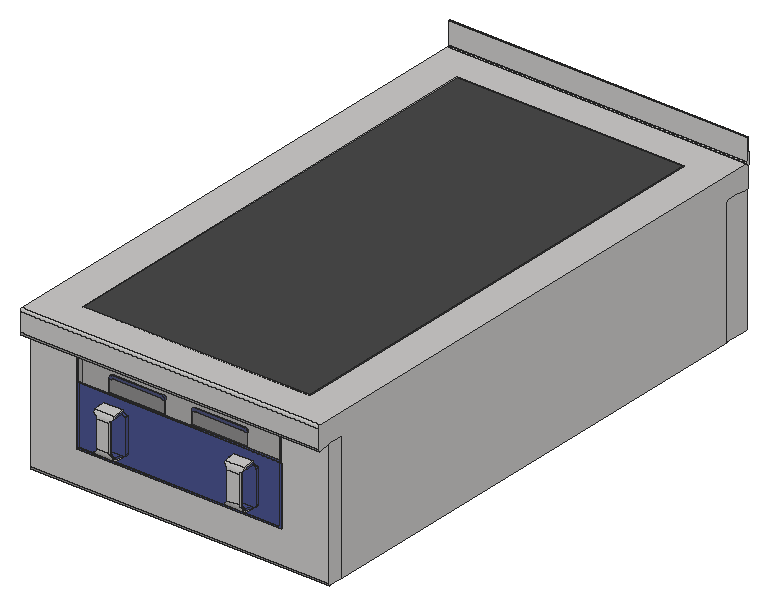
Revit family "QF_ELECTROLUXPROFESSIONAL_589026_MCIBABEOAO", category Specialty Equipment, Revit 2018
Family settings
  Round Connector Dimension = Use Diameter
  Part Type = Normal
  Work Plane-Based = No
  Always vertical = Yes
  Cut with Voids When Loaded = No
  Shared = No
  Room Calculation Point = No
Parameters
  Weight in Pounds = 55.1
  Watts = 10000 VA  # 10000 W
  Volts = 400 V  # constant formula
  URL Cutsheet = ""
  Type Mark [instance] = ""
  Status [instance] = ""
  Specification by User [instance] = ""
  Specification by Manufacturer = ""
  Serial Number = ""
  Seismic Rating = ""
  SMACNA No = ""
  Revision Code [instance] = ""
  Phase = 3  # constant formula
  Omniclass Number and Title = ""
  Number of Poles [instance] = 1
  NAFEM Spec ID Number = ""
  Model = "589026"
  Min Ckt Ampacity = 0 A
  Max Overcurrent Protection = 0 A
  Masterspec = ""
  Manufacturer = "ELECTROLUX"
  Item Number [instance] = ""
  Installed By [instance] = ""
  Identify Quantity as Lot [instance] = yes
  HP = "13.4 HP"
  Furnished By [instance] = ""
  Foodservice Equipment Identifier [instance] = yes
  FL Amps [instance] = if(Phase = 3, Watts / (Volts * 1.73), Watts / Volts)  # 14.4509 A
  Electrical Remarks = "400 V/3N ph/50/60 Hz"  # constant formula
  Electric Connection Type [instance] = ""
  Elec Conn RI Height [instance] = 0 mm
  Elec Conn Connection Height [instance] = 0 mm
  Direct Waste Size = 0"
  Description = "INDUCTION TOP,2 ZONES,1S,BS,500X900X250H"
  Cycle [instance] = if([60 Hertz Option], 60 Hz, 50 Hz)  # 60 Hz
  Conn Plug = ""
  Conn Conduit = yes
  CSI MasterFormat = ""
  CSI Master Format = ""
  Apparent Power [instance] = if(Phase = 3, Volts * FL Amps * 1.73, Volts * FL Amps)  # 10000 VA
  60 Hertz Option [instance] = not([50 Hertz Option])  # yes
  50 Hertz Option [instance] = no
Reference planes
  plane 1 "BACK": y = 0
  plane 2: z = 0
  plane 3 "LEFT": x = 0
  plane 4 "RIGHT": x = 500
  plane 5 "FRONT": y = -900
  plane 6 "TOP": z = 250
  plane 7: x = 250
  plane 8: y = -450
  plane 9: z = 582.185
Forms (mm)
  Extrusion 1, solid, material "QF_Finishes_Stainless Steel"
    sketch origin (0, -487.128, 0) x (0, 1, 0) y (0, 0, 1)
      loop
        line (483.128, 250) -> (-408.872, 250)
        arc (-408.872, 250) -> (-411.7, 248.828) -> (-412.872, 246) r 4
        line (-412.872, 246) -> (-412.872, 214)
        arc (-412.872, 214) -> (-411.443, 210.936) -> (-408.177, 210.061) r 4
        line (-408.177, 210.061) -> (-391.509, 213) -> (-366.872, 213) -> (-366.872, 0) -> (441.128, 0) -> (441.128, 213) -> (465.765, 213) -> (482.433, 210.061)
        arc (482.433, 210.061) -> (485.699, 210.936) -> (487.128, 214) r 4
        line (487.128, 214) -> (487.128, 246)
        arc (487.128, 246) -> (485.956, 248.828) -> (483.128, 250) r 4
    from 0 to 500
  Extrusion 2, void
    sketch origin (653.786, 44.048, 250) x (1, 0, 0) y (0, -1, 0)
      loop
        line (-593.786, 104.048) -> (-213.786, 104.048) -> (-213.786, 887.779) -> (-593.786, 887.779) -> (-593.786, 104.048)
    from 0 to 37
  Extrusion 3, solid, material "QF_Finishes_Stainless Steel"
    sketch origin (0, -854, 0) x (1, 0, 0) y (0, -1, 0)
      loop
        circle (455, -169) r 6.35
    from 0 to 3.2
  Extrusion 4, solid, material "QF_Finishes_Black"
    sketch origin (653.786, 44.048, 213) x (1, 0, 0) y (0, 1, 0)
      loop
        line (-593.786, -887.779) -> (-213.786, -887.779) -> (-213.786, -104.048) -> (-593.786, -104.048) -> (-593.786, -887.779)
    from 0 to 37
  Extrusion 5, solid, material "QF_Finishes_Stainless Steel"
    sketch origin (0, 0, 0) x (0, 1, 0) y (0, 0, 1)
      loop
        line (-2.951, 2) -> (-2.951, 210.133)
        arc (-2.951, 210.133) -> (-3.795, 210.009) -> (-4.646, 210.066) r 4
        line (-4.646, 210.066) -> (-21.287, 213) -> (-45, 213) -> (-45, 0) -> (-4.951, 0)
        arc (-4.951, 0) -> (-3.537, 0.586) -> (-2.951, 2) r 2
      loop
        arc (-1.951, 252.006) -> (-2.537, 250.592) -> (-3.951, 250.006) r 2
        arc (-3.951, 250.006) -> (-1.172, 248.828) -> (0, 246) r 4
        line (0, 246) -> (0, 288.006) -> (-1.951, 288.006) -> (-1.951, 252.006)
    from 500 to 0
Cuts and joins
  Extrusion 2 cuts Extrusion 1
Lines and regions (mm)
  symbolic lines
    curve 1: line (0, 0, 0) -> (500, 0, 0)
    curve 2: line (0, -900, 0) -> (0, 0, 0)
    curve 3: line (500, -900, 0) -> (0, -900, 0)
    curve 4: line (500, 0, 0) -> (500, -900, 0)
    curve 5: line (440, -843.73, 0) -> (440, -60, 0)
    curve 6: line (440, -60, 0) -> (60, -60, 0)
    curve 7: line (60, -60, 0) -> (60, -843.73, 0)
    curve 8: line (60, -843.73, 0) -> (440, -843.73, 0)
    curve 9: line (124.883, -902.326, 0) -> (124.883, -900, 0)
    curve 10: spline (130.551, -903.73, 0) -> (130.073, -903.657, 0) -> (129.595, -903.575, 0) -> (129.118, -903.486, 0) -> (128.642, -903.389, 0) -> (128.167, -903.283, 0) -> (127.693, -903.17, 0) -> (127.221, -903.049, 0) -> (126.75, -902.92, 0) -> (126.281, -902.783, 0) -> (125.813, -902.638, 0) -> (125.347, -902.486, 0) -> (124.883, -902.326, 0)
    curve 11: line (157.098, -902.326, 0) -> (157.098, -900, 0)
    curve 12: spline (157.098, -902.326, 0) -> (156.634, -902.486, 0) -> (156.168, -902.638, 0) -> (155.7, -902.783, 0) -> (155.231, -902.92, 0) -> (154.76, -903.049, 0) -> (154.287, -903.17, 0) -> (153.814, -903.283, 0) -> (153.339, -903.389, 0) -> (152.863, -903.486, 0) -> (152.386, -903.575, 0) -> (151.908, -903.657, 0) -> (151.429, -903.73, 0)
    curve 13: line (130.551, -903.73, 0) -> (151.429, -903.73, 0)
    curve 14: line (375.117, -902.326, 0) -> (375.117, -900, 0)
    curve 15: spline (369.449, -903.73, 0) -> (369.927, -903.657, 0) -> (370.405, -903.575, 0) -> (370.882, -903.486, 0) -> (371.358, -903.389, 0) -> (371.833, -903.283, 0) -> (372.307, -903.17, 0) -> (372.779, -903.049, 0) -> (373.25, -902.92, 0) -> (373.719, -902.783, 0) -> (374.187, -902.638, 0) -> (374.653, -902.486, 0) -> (375.117, -902.326, 0)
    curve 16: line (342.902, -902.326, 0) -> (342.902, -900, 0)
    curve 17: spline (342.902, -902.326, 0) -> (343.366, -902.486, 0) -> (343.832, -902.638, 0) -> (344.3, -902.783, 0) -> (344.769, -902.92, 0) -> (345.24, -903.049, 0) -> (345.713, -903.17, 0) -> (346.186, -903.283, 0) -> (346.661, -903.389, 0) -> (347.137, -903.486, 0) -> (347.614, -903.575, 0) -> (348.092, -903.657, 0) -> (348.571, -903.73, 0)
    curve 18: line (369.449, -903.73, 0) -> (348.571, -903.73, 0)
    curve 19: line (0, -1.951, 0) -> (500, -1.951, 0)
Dimensions and locks
  plane 3 "LEFT" to plane 4 "RIGHT" = 500 mm
  plane 5 "FRONT" to plane 1 "BACK" = 900 mm
  equal spacing: plane 3 "LEFT", plane 7, plane 4 "RIGHT"
  equal spacing: plane 5 "FRONT", plane 8, plane 1 "BACK"
  plane 6 "TOP" to level = 250 mm  (x2)
  plane 1 "BACK" to plane 5 "FRONT" = 900 mm
  Extrusion 3 sketch curve to plane 1 "BACK" = 685 mm
  Extrusion 3 sketch curve to plane 4 "RIGHT" = 45 mm
  aligned and locked: level to plane 2
  aligned and locked: cut or joined group of Extrusion 1, Extrusion 2 to plane 4 "RIGHT"
  aligned and locked: plane 7 to nested 1
  aligned and locked: Extrusion 5 to plane 4 "RIGHT"
Automatic sketch dimensions
  Extrusion 1 sketch curve to plane 5 "FRONT" = 0 mm
  Extrusion 1 sketch curve to plane 6 "TOP" = 0 mm
  Extrusion 1 sketch curve to level = 0 mm
  Extrusion 1 sketch curve to plane 1 "BACK" = 0 mm
  Extrusion 1 sketch curve to plane 6 "TOP" = 37 mm  (x2)
  Extrusion 1 sketch curve to plane 5 "FRONT" = 4 mm
  Extrusion 1 sketch curve to plane 5 "FRONT" = 21.363 mm
  Extrusion 1 sketch curve to plane 5 "FRONT" = 46 mm
  plane 1 "BACK" to Extrusion 1 sketch curve = 21.363 mm
  plane 1 "BACK" to Extrusion 1 sketch curve = 4 mm  (x2)
  Extrusion 1 sketch curve to Extrusion 1 sketch curve = 4 mm
  Extrusion 1 sketch curve to Extrusion 1 sketch curve = 0.695 mm
  Extrusion 1 sketch curve to Extrusion 1 sketch curve = 0 mm  (x4)
  plane 1 "BACK" to Extrusion 1 sketch curve = 4.695 mm
  Extrusion 1 sketch curve to Extrusion 1 sketch curve = 1 mm  (x2)
  plane 1 "BACK" to Extrusion 1 sketch curve = 46 mm
  Extrusion 1 to Extrusion 2 sketch curve = 60 mm  (x2)
  Extrusion 1 to Extrusion 2 sketch curve = 52.27 mm
  Extrusion 1 to Extrusion 2 sketch curve = 56 mm
  Extrusion 4 sketch curve to Extrusion 2 = 0 mm  (x3)
  Extrusion 2 to Extrusion 4 sketch curve = 0 mm
  Extrusion 5 sketch curve to level = 0 mm
  Extrusion 5 sketch curve to plane 1 "BACK" = 0 mm  (x2)
  level to Extrusion 5 sketch curve = 2 mm
  Extrusion 5 sketch curve to plane 6 "TOP" = 0 mm
  plane 1 "BACK" to Extrusion 5 sketch curve = 1.951 mm
  plane 1 "BACK" to Extrusion 5 sketch curve = 2.951 mm
  Extrusion 5 sketch curve to Extrusion 5 sketch curve = 18.335 mm
  Extrusion 5 sketch curve to Extrusion 5 sketch curve = 40.049 mm
  Extrusion 5 sketch curve to Extrusion 5 sketch curve = 1.695 mm
  Extrusion 5 sketch curve to Extrusion 5 sketch curve = 0 mm  (x3)
  plane 1 "BACK" to Extrusion 5 sketch curve = 4 mm
  plane 1 "BACK" to Extrusion 5 sketch curve = 3.951 mm
  Extrusion 5 sketch curve to Extrusion 5 sketch curve = 2 mm
  Extrusion 5 sketch curve to Extrusion 5 sketch curve = 35.867 mm
  Extrusion 5 sketch curve to plane 6 "TOP" = 37 mm
  plane 6 "TOP" to Extrusion 5 sketch curve = 2.006 mm
  Extrusion 5 sketch curve to Extrusion 5 sketch curve = 36 mm
  Extrusion 5 sketch curve to Extrusion 5 sketch curve = 0.066 mm
  plane 1 "BACK" to curve 1 = 0 mm
  curve 2 to plane 3 "LEFT" = 0 mm
  plane 5 "FRONT" to curve 3 = 0 mm
  curve 19 to plane 4 "RIGHT" = 0 mm
  plane 4 "RIGHT" to curve 5 = 60 mm
  plane 5 "FRONT" to curve 14 = 2.326 mm
  curve 5 to curve 14 = 64.883 mm
  plane 5 "FRONT" to curve 18 = 3.73 mm
  curve 14 to curve 18 = 5.669 mm
  curve 18 to curve 18 = 20.878 mm
  plane 5 "FRONT" to curve 16 = 2.326 mm
  curve 18 to curve 16 = 5.669 mm
  plane 5 "FRONT" to curve 11 = 2.326 mm
  curve 11 to plane 7 = 92.902 mm
  plane 5 "FRONT" to curve 13 = 3.73 mm
  curve 11 to curve 13 = 5.669 mm
  curve 13 to curve 13 = 20.878 mm
  plane 5 "FRONT" to curve 9 = 2.326 mm
  curve 10 to curve 9 = 5.669 mm
  plane 3 "LEFT" to curve 6 = 60 mm
  plane 5 "FRONT" to curve 15 = 4.032 mm
  curve 18 to curve 15 = 4.17 mm
  curve 15 to curve 17 = 12.538 mm
  plane 5 "FRONT" to curve 12 = 4.032 mm
  curve 13 to curve 12 = 4.17 mm
  curve 12 to curve 10 = 12.538 mm
  plane 1 "BACK" to curve 6 = 60 mm
  curve 5 to plane 5 "FRONT" = 56.27 mm
  plane 1 "BACK" to curve 19 = 1.951 mm
  curve 17 to curve 15 = 0 mm
  curve 10 to curve 12 = 0 mm
  radius of Extrusion 3 sketch curve = 6.35 mm
Nested families
  nested 1: "IDT_900_500 mm Double Control Front Panel" at (252.376, -854, -650), type "IDT_900_500 mm Double Control Front Panel"
Connectors
  electrical at (455, -685, -3.2), driven by "Volts", driven by "Watts"
    settings: on Extrusion 3, index 1, voltage 400 V, apparent load 10000 VA, apparent load phase1 0 VA, apparent load phase2 0 VA, apparent load phase3 0 VA, power factor 1, load classification "Other", number of poles 1, system type 30, power factor state 1, is connector primary yes, connector utility no, sub classification motor no, connector description "ELECTRICAL CONNECTION"
Definition of nested family "IDT_900_500 mm Double Control Front Panel"
  Parameters
    Length = 500 mm
  Reference planes
    plane 1 "Center (Front/Back)": y = 0
    plane 2: z = 0
    plane 3 "Center (Left/Right)": x = -2.376
    plane 4: x = -252.376
    plane 5: x = 247.624
  Forms (mm)
    Extrusion 1, solid
      sketch origin (833.217, 829.203, -1.25) x (0, 1, 0) y (0, 0, 1)
        loop
          arc (-854.203, 654.25) -> (-853.324, 652.129) -> (-851.203, 651.25) r 3
          line (-851.203, 651.25) -> (-829.203, 651.25) -> (-829.203, 864.25) -> (-854.203, 864.25) -> (-854.203, 654.25)
      from -1085.593 to -585.593
    Extrusion 2, void
      sketch origin (33.217, 829.203, -1.25) x (1, 0, 0) y (0, 0, 1)
        loop
          line (-207.593, 852.364) -> (-207.593, 710.364) -> (136.407, 710.364) -> (136.407, 852.364) -> (-207.593, 852.364)
      from 843.409 to 854.203
  Cuts and joins
    Extrusion 2 cuts Extrusion 1
  Dimensions and locks
    equal spacing: plane 5, plane 3 "Center (Left/Right)", plane 4
    "Length": plane 5 to plane 4
    locked: nested 2 to plane 4 at 117.396
    locked: plane 5 to nested 1 at 117
    locked: nested 2 to plane 4 at 141.217
    locked: plane 5 to nested 1 at 140.821
    aligned and locked: cut or joined group of Extrusion 1, Extrusion 2 to plane 4
    aligned and locked: plane 5 to cut or joined group of Extrusion 1, Extrusion 2
    aligned and locked: plane 3 "Center (Left/Right)" to nested 3
  Automatic sketch dimensions
    Extrusion 1 sketch curve to plane 1 "Center (Front/Back)" = 0 mm
    plane 1 "Center (Front/Back)" to Extrusion 1 sketch curve = 22 mm
    Extrusion 1 sketch curve to Extrusion 1 sketch curve = 3 mm
    level to Extrusion 1 sketch curve = 650 mm
    Extrusion 1 sketch curve to Extrusion 1 sketch curve = 210 mm
    plane 4 to Extrusion 2 sketch curve = 78 mm
    Extrusion 2 sketch curve to plane 5 = 78 mm
    level to Extrusion 2 sketch curve = 709.114 mm
    Extrusion 2 sketch curve to Extrusion 2 sketch curve = 142 mm
  Nested families
    nested 1: "Range Control Handle" at (106.804, -28.137, -209.113), type "Range Control Handle"
    nested 2: "Range Control Handle" at (-111.159, -28.137, -209.113) x (-1, 0, 0) z (0, 0, 1), type "Range Control Handle"
    nested 3: "glass conrol panel One Right Side" at (-2.376, 278.697, 0), type "glass conrol panel One Right Side"
  Definition of nested family "Range Control Handle"
    Reference planes
      plane 1 "Center (Front/Back)": y = 0
      plane 2: z = 0
      plane 3 "Center (Left/Right)": x = 0
      plane 4: z = 971.092
    Forms (mm)
      Extrusion 1, solid
        sketch origin (-746.28, 380.497, 208.931) x (-1, 0, 0) y (0, 0, 1)
          loop
            line (-770.101, 786.798) -> (-770.101, 731.649)
            arc (-770.101, 731.649) -> (-769.759, 730.563) -> (-768.855, 729.87) r 1.893
            line (-768.855, 729.87) -> (-763.474, 727.911) -> (-729.81, 727.911) -> (-724.428, 729.87)
            arc (-724.428, 729.87) -> (-723.525, 730.563) -> (-723.183, 731.649) r 1.893
            line (-723.183, 731.649) -> (-723.183, 786.798)
            arc (-723.183, 786.798) -> (-723.529, 787.894) -> (-724.44, 788.593) r 1.91
            line (-724.44, 788.593) -> (-729.683, 790.819) -> (-763.601, 790.819) -> (-768.844, 788.593)
            arc (-768.844, 788.593) -> (-769.755, 787.894) -> (-770.101, 786.798) r 1.91
        from -382.35 to -378.852
      Sweep 2, solid
        path origin (-746.788, 380.496, 208.091) x (0, -1, 0) y (0, 0, 1)
          loop
            line (379.775, 793.281) -> (395.661, 791.048)
            arc (395.661, 791.048) -> (397.781, 787.377) -> (398.517, 783.202) r 12.207
            line (398.517, 783.202) -> (398.517, 737.368)
            arc (398.517, 737.368) -> (397.781, 733.193) -> (395.661, 729.522) r 12.207
            line (395.661, 729.522) -> (379.775, 727.289)
        profile origin (-746.788, -7.222, 1000.256) x (0, -0.139173, 0.990268) y (-1, 0, 0)
          loop
            line (0.782, -763.123) -> (0.782, -730.907) -> (-1.322, -730.907) -> (-1.322, -763.123) -> (0.782, -763.123)
      Sweep 3, solid
        path origin (-746.788, 380.715, 207.832) x (0, -1, 0) y (0, 0, 1)
          loop
            line (380.478, 795.442) -> (397.218, 793.09)
            arc (397.218, 793.09) -> (399.929, 788.473) -> (400.871, 783.202) r 15.207
            line (400.871, 783.202) -> (400.871, 737.584)
            arc (400.871, 737.584) -> (399.914, 732.274) -> (397.164, 727.633) r 15.207
            line (397.164, 727.633) -> (380.601, 725.305)
        profile origin (-746.788, -8.132, 1002.099) x (0, -0.139173, 0.990268) y (-1, 0, 0)
          loop
            line (0.782, -763.123) -> (0.782, -730.907) -> (-1.322, -730.907) -> (-1.322, -763.123) -> (0.782, -763.123)
      Extrusion 4, void
        sketch origin (889.253, 220.666, 207.993) x (1, 0, 0) y (0, 0, 1)
          loop
            line (-943.038, 816.854) -> (-943.038, 703.686) -> (-899.466, 734.196) -> (-899.466, 786.344) -> (-943.038, 816.854)
        from 230.636 to 242.25
      Extrusion 5, void
        sketch origin (-888.8, 220.666, 207.993) x (-1, 0, 0) y (0, 0, -1)
          loop
            line (-943.038, -816.854) -> (-899.466, -786.344) -> (-899.466, -734.196) -> (-943.038, -703.686) -> (-943.038, -816.854)
        from 230.636 to 242.25
      Extrusion 6, solid
        sketch origin (0, 0, 0) x (1, 0, 0) y (0, 0, 1)
          loop
            circle (0, 971.092) r 7.736
        from -3.137 to -1.645
    Cuts and joins
      Extrusion 4, Extrusion 5 cuts Sweep 3
      Extrusion 4, Extrusion 5 cuts Sweep 2
      joined: Extrusion 1, Extrusion 6
    Lines and regions (mm)
      symbolic lines
        curve 1: line (23.821, 1.645, 0) -> (-23.097, 1.645, 0)
        curve 2: line (16.334, -1.853, 0) -> (23.821, -1.853, 0)
        curve 3: line (-15.881, -19.189, 0) -> (-15.881, -1.853, 0)
        curve 4: line (-23.097, -1.853, 0) -> (-15.881, -1.853, 0)
        curve 5: line (16.334, -19.189, 0) -> (16.334, -1.853, 0)
        curve 6: spline (-15.881, -19.189, 0) -> (-15.417, -19.349, 0) -> (-14.951, -19.501, 0) -> (-14.483, -19.646, 0) -> (-14.014, -19.783, 0) -> (-13.543, -19.912, 0) -> (-13.071, -20.033, 0) -> (-12.597, -20.146, 0) -> (-12.122, -20.251, 0) -> (-11.646, -20.349, 0) -> (-11.169, -20.438, 0) -> (-10.691, -20.52, 0) -> (-10.213, -20.593, 0)
        curve 7: spline (10.666, -20.593, 0) -> (11.144, -20.52, 0) -> (11.622, -20.438, 0) -> (12.099, -20.349, 0) -> (12.575, -20.251, 0) -> (13.05, -20.146, 0) -> (13.524, -20.033, 0) -> (13.996, -19.912, 0) -> (14.467, -19.783, 0) -> (14.936, -19.646, 0) -> (15.404, -19.501, 0) -> (15.87, -19.349, 0) -> (16.334, -19.189, 0)
        curve 8: line (-10.213, -20.938, 0) -> (10.716, -20.938, 0)
        curve 9: line (-23.097, 1.645, 0) -> (-23.097, -1.853, 0)
        curve 10: line (23.821, 1.645, 0) -> (23.821, -1.853, 0)
  Definition of nested family "glass conrol panel One Right Side"
    Reference planes
      plane 1 "Center (Front/Back)": y = 0
      plane 2: z = 0
      plane 3 "Center (Left/Right)": x = 0
    Forms (mm)
      Extrusion 1, solid
        sketch origin (378.286, 0, 0.617) x (1, 0, 0) y (0, 0, 1)
          loop
            line (-550.286, 806.791) -> (-550.286, 708.497) -> (-206.286, 708.497) -> (-206.286, 806.791) -> (-550.286, 806.791)
        from 300.031 to 304.8
      Extrusion 2, solid
        sketch origin (378.286, 0, 0.617) x (1, 0, 0) y (0, 0, 1)
          loop
            line (-550.286, 850.497) -> (-550.286, 806.791) -> (-206.286, 806.791) -> (-206.286, 850.497) -> (-550.286, 850.497)
        from 300.031 to 304.8
      Extrusion 3, void
        sketch origin (378.286, 0, 0.617) x (1, 0, 0) y (0, 0, 1)
          loop
            line (-547.628, 847.565) -> (-547.628, 710.699) -> (-209.196, 710.699) -> (-209.196, 847.565) -> (-547.628, 847.565)
        from 303.697 to 304.8
      Extrusion 4, solid
        sketch origin (377.536, 1.101, -0.633) x (1, 0, 0) y (0, 0, 1)
          loop
            line (-261.431, 812.62) -> (-261.431, 834.177) -> (-266.24, 834.177) -> (-268.039, 835.977) -> (-348.469, 835.977) -> (-350.269, 834.177) -> (-355.186, 834.177) -> (-355.186, 812.62) -> (-261.431, 812.62)
        from 304.798 to 306.745
      Extrusion 5, solid
        sketch origin (377.536, 1.101, -0.633) x (1, 0, 0) y (0, 0, 1)
          loop
            line (-350.269, 834.177) -> (-348.469, 835.977) -> (-268.039, 835.977) -> (-266.24, 834.177) -> (-261.529, 834.177)
            arc (-261.529, 834.177) -> (-262.706, 838.752) -> (-266.98, 840.763) r 5.549
            line (-266.98, 840.763) -> (-349.686, 840.763)
            arc (-349.686, 840.763) -> (-353.942, 838.747) -> (-355.078, 834.177) r 5.5
            line (-355.078, 834.177) -> (-350.269, 834.177)
        from 304.798 to 306.745
      Extrusion 6, solid
        sketch origin (-377.536, 1.101, -0.633) x (-1, 0, 0) y (0, 0, -1)
          loop
            line (-261.431, -812.62) -> (-355.186, -812.62) -> (-355.186, -834.177) -> (-350.269, -834.177) -> (-348.469, -835.977) -> (-268.039, -835.977) -> (-266.24, -834.177) -> (-261.431, -834.177) -> (-261.431, -812.62)
        from 304.798 to 306.745
      Extrusion 7, solid
        sketch origin (-377.536, 1.101, -0.633) x (-1, 0, 0) y (0, 0, -1)
          loop
            line (-350.269, -834.177) -> (-355.078, -834.177)
            arc (-355.078, -834.177) -> (-353.942, -838.747) -> (-349.686, -840.763) r 5.5
            line (-349.686, -840.763) -> (-266.98, -840.763)
            arc (-266.98, -840.763) -> (-262.706, -838.752) -> (-261.529, -834.177) r 5.549
            line (-261.529, -834.177) -> (-266.24, -834.177) -> (-268.039, -835.977) -> (-348.469, -835.977) -> (-350.269, -834.177)
        from 304.798 to 306.745
    Cuts and joins
      Extrusion 3 cuts Extrusion 1
      Extrusion 3 cuts Extrusion 2
      Extrusion 3 cuts Extrusion 4
      Extrusion 3 cuts Extrusion 5
    Dimensions and locks
      aligned and locked: Extrusion 1 to Extrusion 2
      aligned and locked: Extrusion 5 sketch curve to Extrusion 4  (x4)
      aligned and locked: Extrusion 4 to Extrusion 5 sketch curve
      aligned and locked: Extrusion 5 to Extrusion 4
      aligned and locked: Extrusion 7 sketch curve to Extrusion 6  (x5)
      aligned and locked: Extrusion 7 to Extrusion 6
